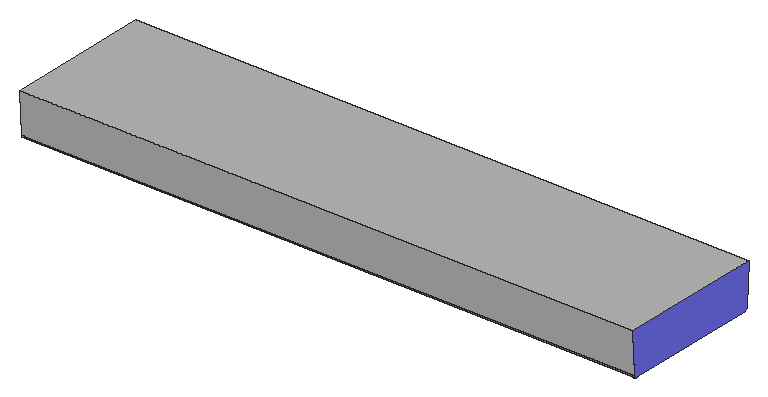
Revit family "9 inch PS Lintel -215W x 65H-mm", category Generic Models, Revit 2020
Family settings
  Can host rebar = No
  Round Connector Dimension = Use Diameter
  Part Type = Normal
  Work Plane-Based = No
  Always vertical = Yes
  Cut with Voids When Loaded = No
  Shared = No
  Room Calculation Point = No
Parameters
  Weight = "34Kg/m"
  Warranty Guarantor Parts = "n/a"
  Warranty Guarantor Labour = "n/a"
  Warranty Duration Unit = "n/a"
  Warranty Duration Parts = "n/a"
  Warranty Duration Labour = "n/a"
  Warranty Description = "n/a"
  URL = "www.killeshal.com"
  Types = "Single"
  Type Comments = "Visit our website for a full list of available products."
  Sustainability Performance = "n/a"
  Structural Class = "n/a"
  Span = "Lintel Length"
  Slope = "0.00°"
  Size = "215mm x 65mm"
  Shape = "Rectangular"
  Service Life = "0.000000"
  Serial Number = "n/a"
  Resistance to Fire = "Subject to nature of associated and or adjoining construction."
  Replacement Cost = "n/a"
  Reference = "n/a"
  Nominal Cover to Main Bar = "32.5mm"
  Model = "L/281 Concrete Lintel"
  Manufacturer = "Killeshal Precast Concrete Ltd."
  Load Bearing = yes
  Lintel Width [instance] = 215 mm
  Lintel Length [instance] = 914 mm
  Lintel Height [instance] = 65 mm
  Life Cycle Environmental Load = "n/a"
  Length Options = "Stock sizes 609mm, 762mm, 914mm, 1066mm, 1219mm, 1371mm, 1524mm, 1676mm, 1828mm, 1981mm, 2133mm, 2286mm, 2438mm, 2590mm, 2743mm 2895mm, 3048mm, 3200mm, 3352mm, 3505mm, 3657mm, 3809mm, 3962mm"
  Keynote = "The information contained is the sole property of KPC Ltd., any reproduction in part or whole without permission of KPC Ltd. is prohibited."
  Environmental Product Declaration = "n/a"
  Environmental Class = "n/a"
  Durability against Corrosion = "Ref: EN:845-2:2013 Annex C Table C.3. Class 2 B without rendering. Class 2 A when rendered."
  Dimension Accuracy Class = "I.S. EN 845-2:2013"
  Detailing = "As per design specification and product drawings."
  Description = "215W x 65H Pre-stressed Lintel"
  Default Elevation = 0 mm
  Dangerous Substances = "n/a"
  Contact Tel = "0035357 9353018"
  Contact Email = "sales@killeshal.com"
  Construction Type = "Precast"
  Construction Tolerance Class = "I.S. EN 845-2:2013"
  Concrete Class = "C30/37 as per EN: 206-1:2002"
  Compressive Strength of Concrete = "40N/mm²"
  Characteristics Deflection Under Load = "Not to exceed 1/200 across the length of each individual unit supplied."
  Bearing Required = "150mm each end up to an ope of 1500mm, 225mm each end for opes exceeding 1500mm."
Reference planes
  plane 1 "Center (Front/Back)": y = 0
  plane 2: z = 0
  plane 3 "Center (Left/Right)": x = 0
  plane 4 "Rear": y = 107.5
  plane 5 "Front": y = -107.5
  plane 6 "Top": z = 65
  plane 7 "Center L/T": y = 104.1
  plane 8 "Center L/U": y = -104.1
  plane 9 "Centreline": z = 32.5
Forms (mm)
  Extrusion 1, solid, material "Precast Concrete (KPC)"
    sketch origin (0, 0, 0) x (0, 1, 0) y (0, 0, 1)
      loop
        arc (100.309, 0) -> (103.063, 1.099) -> (104.304, 3.791) r 4
        line (104.304, 3.791) -> (107.5, 65) -> (-107.5, 65) -> (-104.304, 3.791)
        arc (-104.304, 3.791) -> (-103.063, 1.099) -> (-100.309, 0) r 4
        line (-100.309, 0) -> (100.309, 0)
    from 0 to 914
Dimensions and locks
  "Lintel Height": Extrusion 1 to Extrusion 1
  "Lintel Length": Extrusion 1 to Extrusion 1
  "Lintel Width": plane 4 "Rear" to plane 5 "Front"
  aligned and locked: level to plane 2
Automatic sketch dimensions
  Extrusion 1 sketch curve to plane 5 "Front" = 0 mm
  Extrusion 1 sketch curve to level = 0 mm
  Extrusion 1 sketch curve to plane 4 "Rear" = 0 mm
  Extrusion 1 sketch curve to plane 6 "Top" = 0 mm
  Extrusion 1 sketch curve to plane 8 "Center L/U" = 0.204 mm
  plane 8 "Center L/U" to Extrusion 1 sketch curve = 3.791 mm
  Extrusion 1 sketch curve to plane 7 "Center L/T" = 3.791 mm
  plane 7 "Center L/T" to Extrusion 1 sketch curve = 0.204 mm
  level to Extrusion 1 sketch curve = 3.791 mm  (x2)
